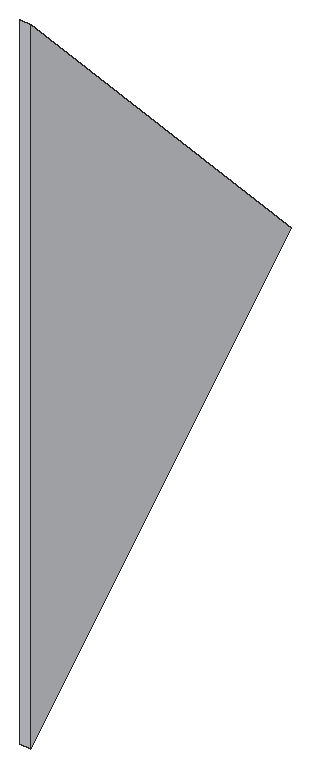
Revit family "Vertical Deflector", category Generic Models, Revit 2024
Family settings
  Can host rebar = No
  Round Connector Dimension = Use Diameter
  Part Type = Normal
  Work Plane-Based = No
  Always vertical = Yes
  Cut with Voids When Loaded = No
  Maintain Annotation Orientation = No
  Shared = No
  Room Calculation Point = No
Parameters
  Thickness = 20 mm
  Taper Angle 1 = 45.00°
  Length = 600 mm
  Height = 1200 mm
  Extension below Handrail = 0 mm
  Default Elevation = 0 mm
Reference planes
  plane 1 "Center (Front/Back)": y = 0
  plane 2: z = 0
  plane 3 "Center (Left/Right)": x = 0
  plane 4: y = 598.917
  plane 5: z = 1200
  plane 6: x = 20
Forms (mm)
  Extrusion 1, solid
    sketch origin (0, 0, 0) x (0, 1, 0) y (0, 0, 1)
      loop
        line (-1.083, 1200) -> (-1.083, 0) -> (598.917, 600) -> (-1.083, 1200)
    from 0 to 20
Dimensions and locks
  "Height": level to plane 5
  "Length": Extrusion 1 sketch curve to plane 4
  "Thickness": plane 6 to plane 3 "Center (Left/Right)"
  "Taper Angle 1": angle Extrusion 1 sketch curve to plane 5
  aligned and locked: level to plane 2
  aligned and locked: plane 5 to Extrusion 1 sketch curve
  aligned and locked: level to Extrusion 1 sketch curve
  aligned and locked: plane 6 to Extrusion 1
